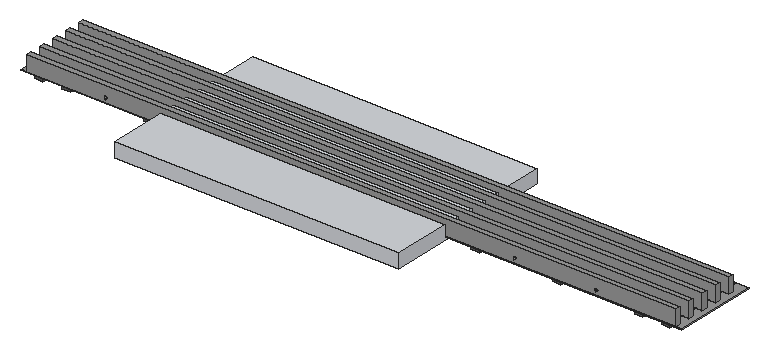
Revit family "1413-5, Veneer", category Generic Models, host Face, Revit 2020
Family settings
  Host = Face
  Can host rebar = No
  Round Connector Dimension = Use Diameter
  Part Type = Normal
  Cut with Voids When Loaded = No
  Shared = No
  Room Calculation Point = No
Parameters
  min_value [instance] = 2' - 4"  # constant formula
  max_value [instance] = 9' - 11 1/4"  # constant formula
  actual_value [instance] = if(NET LENGTH < min_value, min_value, if(NET LENGTH > max_value, max_value, NET LENGTH))  # 7' - 11 1/4"
  SCRIM MATERIAL [instance] = SCRIM
  SCRIM APPEARANCE [instance] = yes
  NET LENGTH [instance] = 7' - 11 1/4"
  IMPORTANT NOTE!!!                                                                             *Backer & dowel layout is for visualization purposes only, final layout to be determined by 9Wood. [instance] = ""
  Default Elevation = 4' - 0"
  DOWEL RADIUS [instance] = 0' - 0 1/4"  # constant formula
  BACKER & DOWEL MATERIAL [instance] = BLACK-BACKERS
  .. MEMBER WIDTH [instance] = 0' - 0 3/4"  # constant formula
  .. MEMBER MATERIAL [instance] = Veneer Cherry
  .. MEMBER DEPTH [instance] = 0' - 2 1/4"  # constant formula
  .. MEMBER COUNT [instance] = 5  # constant formula
Reference planes (in)
  plane 1 "Center (Front/Back)": y = 0
  plane 2: z = 0
  plane 3 "Center (Left/Right)": x = 0
Forms (in)
  Extrusion 1, solid
    sketch origin (0, 0, 0) x (1, 0, 0) y (0, 1, 0)
      loop
        line (-24.24823, 14.63962) -> (-24.24823, -10.69266) -> (17.36192, -10.69266) -> (17.36192, 14.63962) -> (-24.24823, 14.63962)
    from 0 to 2.0625
Dimensions and locks (in)
  aligned and locked: plane 2 to Extrusion 1
Nested families (in)
  nested 1: "1400 series" at (-44.01308, -2.1224, 0.00189), NET LENGTH <- "actual_value", .. MEMBER DEPTH <- ".. MEMBER DEPTH", .. MEMBER WIDTH <- ".. MEMBER WIDTH", DOWEL RADIUS <- "DOWEL RADIUS", BACKER & DOWEL MATERIAL <- "BACKER & DOWEL MATERIAL", .. MEMBER MATERIAL <- ".. MEMBER MATERIAL", SCRIM MATERIAL <- "SCRIM MATERIAL", MEMBER COUNT <- ".. MEMBER COUNT", SCRIM APPEARANCE <- "SCRIM APPEARANCE", type "1400 series"
    with X 7' - 8", SCRIM MATERIAL SCRIM, SCRIM LENGTH 8' - 1", SCRIM APPEARANCE yes, SCRIM 2 0' - 0 7/8", SCRIM 1 0' - 0 3/32", OC TYP 1' - 0", NET LENGTH 7' - 11 1/4", N 8, MEMBER COUNT 5, INSET 2 0' - 0 3/16", INSET 0' - 1", HALF MEMBER WIDTH 0' - 0 3/8", END BACKER yes, DOWEL RADIUS 0' - 0 1/4", DOWEL INDEX 0' - 11 5/8", DOWEL COUNT 7, BACKING M COUNT 8, BACKER WIDTH 0' - 1 1/4", BACKER INDEX 0' - 5 5/8", BACKER DEPTH 0' - 0 1/2", BACKER & DOWEL MATERIAL BLACK-BACKERS, BACKER &  DOWEL LENGTH 0' - 11 7/8", .. MEMBER WIDTH 0' - 0 3/4", .. MEMBER OC TYP 0' - 2.4", .. MEMBER MATERIAL Veneer Cherry, .. MEMBER DEPTH 0' - 2 1/4"
Definition of nested family "1400 series"
  Parameters (values of type "1400 series")
    X [instance] = NET LENGTH - 0' 3 1/4"  # 7' - 2"
    SCRIM MATERIAL [instance] = none
    SCRIM APPEARANCE [instance] = yes
    SCRIM 2 [instance] = 0' - 0 7/8"  # constant formula
    SCRIM 1 [instance] = 0' - 0 3/32"  # constant formula
    OC TYP [instance] = 1' - 0"  # constant formula
    N [instance] = if((X - (rounddown(X / 1' 0") * 1' 0")) > 1' 0", rounddown(X / 1' 0") + 2, rounddown(X / 1' 0") + 1)  # 8
    MEMBER COUNT [instance] = 2
    INSET 5 = 0' - 0 11/16"  # constant formula
    INSET 2 [instance] = 0' - 0 3/16"  # constant formula
    INSET [instance] = 0' - 1"  # constant formula
    END BACKER [instance] = BACKER INDEX > 0' 3 5/8"  # no
    HALF MEMBER WIDTH [instance] = .. MEMBER WIDTH / 2  # 0' - 1 1/8"
    Default Elevation = 0' - 0"
    DOWEL RADIUS [instance] = 0' - 0 1/4"
    DOWEL INDEX [instance] = BACKER INDEX + 0' 6"  # 0' - 8 5/8"
    DOWEL COUNT [instance] = N - 1  # 7
    BACKER WIDTH [instance] = 0' - 1 1/4"  # constant formula
    BACKER INDEX [instance] = (NET LENGTH - ((N - 1) * 1' 0")) / 2  # 0' - 2 5/8"
    BACKER DEPTH [instance] = 0' - 0 1/2"  # constant formula
    BACKING M COUNT [instance] = N  # 8
    BACKER & DOWEL MATERIAL [instance] = none
    BACKER &  DOWEL LENGTH [instance] = 0' - 11 7/8"  # constant formula
    SCRIM LENGTH [instance] = NET LENGTH + (SCRIM 2 * 2)  # 7' - 7"
    .. MEMBER WIDTH [instance] = 0' - 2 1/4"
    .. MEMBER OC TYP [instance] = 1' 0" / MEMBER COUNT  # 0' - 6"
    .. MEMBER MATERIAL [instance] = none
    NET LENGTH [instance] = 7' - 5 1/4"
    .. MEMBER DEPTH [instance] = 0' - 4"
  Reference planes (in)
    plane 1 "Center (Front/Back)": y = 0
    plane 2: z = 0
    plane 3 "Center (Left/Right)": x = 0
    plane 4: x = 89.25
    plane 5: x = 1
    plane 6: x = 88.25
    plane 7: x = 2.625
    plane 8: x = 8.625
    plane 9: x = 14.625
    plane 10: x = 20.625
    plane 11: y = 0.1875
    plane 12: y = 1.125
    plane 13: y = 7.125
    plane 14: y = 12.0625
    plane 15: x = 90.125
    plane 16: x = -0.875
    plane 17: y = 12.15625
    plane 18: y = -0.09375
    plane 19: z = 2.7097
    plane 20: z = 0.49811
    plane 21: z = 0.56061
    plane 22: z = 1.24811
  Lines and regions (in)
    model lines, not visible
      curve 1: line (8.625, 0, 0.99811) -> (8.625, 0, 1.49811)
      curve 2: line (8.625, 0, 1.49811) -> (8.375, 0, 1.24811)
      curve 3: line (8.375, 0, 1.24811) -> (8.875, 0, 1.24811)
      curve 4: line (20.625, 0, 0.99811) -> (20.625, 0, 1.49811)
      curve 5: line (20.625, 0, 1.49811) -> (20.375, 0, 1.24811)
      curve 6: line (20.375, 0, 1.24811) -> (20.875, 0, 1.24811)
      curve 7: line (32.625, 0, 0.99811) -> (32.625, 0, 1.49811)
      curve 8: line (32.625, 0, 1.49811) -> (32.375, 0, 1.24811)
      curve 9: line (32.375, 0, 1.24811) -> (32.875, 0, 1.24811)
      curve 10: line (44.625, 0, 0.99811) -> (44.625, 0, 1.49811)
      curve 11: line (44.625, 0, 1.49811) -> (44.375, 0, 1.24811)
      curve 12: line (44.375, 0, 1.24811) -> (44.875, 0, 1.24811)
      curve 13: line (56.625, 0, 0.99811) -> (56.625, 0, 1.49811)
      curve 14: line (56.625, 0, 1.49811) -> (56.375, 0, 1.24811)
      curve 15: line (56.375, 0, 1.24811) -> (56.875, 0, 1.24811)
      curve 16: line (68.625, 0, 0.99811) -> (68.625, 0, 1.49811)
      curve 17: line (68.625, 0, 1.49811) -> (68.375, 0, 1.24811)
      curve 18: line (68.375, 0, 1.24811) -> (68.875, 0, 1.24811)
      curve 19: line (80.625, 0, 0.99811) -> (80.625, 0, 1.49811)
      curve 20: line (80.625, 0, 1.49811) -> (80.375, 0, 1.24811)
      curve 21: line (80.375, 0, 1.24811) -> (80.875, 0, 1.24811)
  Dimensions and locks (in)
    "INSET": plane 3 "Center (Left/Right)" to plane 5
    "NET LENGTH": plane 3 "Center (Left/Right)" to plane 4
    "INSET": plane 6 to plane 4
    "BACKER INDEX": plane 3 "Center (Left/Right)" to plane 7
    "DOWEL INDEX": plane 3 "Center (Left/Right)" to plane 8
    "OC TYP": plane 7 to plane 9
    "OC TYP": plane 8 to plane 10
    "INSET 2": plane 1 "Center (Front/Back)" to plane 11
    equal spacing: group 1, group 2, group 5, group 6, group 7, group 13, group 14, group 16  (x3)
    equal spacing: group 3, group 4, group 8, group 9, group 10, group 15, group 17  (x3)
    group 11 to group 12 = 0' - 0"  (x2)
    group 11 to group 12 = 0' - 6"
    ".. MEMBER OC TYP": plane 13 to plane 12
    "HALF MEMBER WIDTH": plane 1 "Center (Front/Back)" to plane 12
    "SCRIM 2": plane 16 to plane 3 "Center (Left/Right)"
    "SCRIM 2": plane 4 to plane 15
    "SCRIM 1": plane 18 to plane 1 "Center (Front/Back)"
    "SCRIM 1": plane 17 to plane 14
    "INSET 5": plane 22 to plane 21
    aligned and locked: level to plane 2
    aligned and locked: plane 7 to nested 2
    aligned and locked: plane 5 to nested 1
    aligned and locked: plane 9 to nested 3
    aligned and locked: nested 1 to plane 5
    aligned and locked: nested 2 to plane 11
    aligned and locked: nested 1 to plane 11
    aligned and locked: nested 3 to plane 11
    aligned and locked: nested 4 to plane 11  (x2)
    aligned and locked: plane 10 to nested 5
    aligned and locked: plane 6 to nested 12
    aligned and locked: nested 5 to plane 11
    aligned and locked: plane 11 to nested 12
    aligned and locked: plane 12 to nested 13
    aligned and locked: nested 14 to plane 13
    aligned and locked: plane 14 to nested 8
    aligned and locked: plane 16 to nested 15
    aligned and locked: nested 15 to plane 18
    aligned and locked: nested 15 to plane 17
    aligned and locked: nested 15 to plane 16  (x2)
    aligned and locked: nested 1 to level
    aligned and locked: level to nested 3
    aligned and locked: plane 20 to nested 2
    aligned and locked: plane 20 to nested 1
    aligned and locked: plane 20 to nested 3
    aligned and locked: nested 12 to plane 20
    aligned and locked: nested 15 to plane 20
    aligned and locked: plane 21 to nested 15
    aligned and locked: nested 13 to plane 21
    aligned and locked: plane 22 to nested 4
    aligned and locked: plane 22 to nested 5
    aligned and locked: nested 13 to plane 8
    aligned and locked: plane 10 to nested 13
    aligned and locked: curve 1 to nested 13
    aligned and locked: nested 13 to curve 4
  Automatic sketch dimensions
    curve 3 to curve 1 = 0' - 0 1/4"  (x2)
    curve 1 to curve 3 = 0' - 0 1/4"
    curve 1 to curve 2 = 0' - 0 1/4"
    curve 6 to curve 4 = 0' - 0 1/4"  (x2)
    curve 4 to curve 6 = 0' - 0 1/4"
    curve 4 to curve 5 = 0' - 0 1/4"
    curve 9 to curve 7 = 0' - 0 1/4"  (x2)
    curve 7 to curve 9 = 0' - 0 1/4"
    curve 7 to curve 8 = 0' - 0 1/4"
    curve 12 to curve 10 = 0' - 0 1/4"  (x2)
    curve 10 to curve 12 = 0' - 0 1/4"
    curve 10 to curve 11 = 0' - 0 1/4"
    curve 15 to curve 13 = 0' - 0 1/4"  (x2)
    curve 13 to curve 15 = 0' - 0 1/4"
    curve 13 to curve 14 = 0' - 0 1/4"
    curve 18 to curve 16 = 0' - 0 1/4"  (x2)
    curve 16 to curve 18 = 0' - 0 1/4"
    curve 16 to curve 17 = 0' - 0 1/4"
    curve 21 to curve 19 = 0' - 0 1/4"  (x2)
    curve 19 to curve 21 = 0' - 0 1/4"
    curve 19 to curve 20 = 0' - 0 1/4"
  Nested families (in)
    nested 1: "INSTANCE - 3RD -  EXTEND BOTH SIDES - Parametric Cube.0001" at (1, 0.1875, 0.49811), Length <- "BACKER &  DOWEL LENGTH", Width <- "BACKER WIDTH", Height <- "BACKER DEPTH", Material <- "BACKER & DOWEL MATERIAL", visible <- "END BACKER", type "INSTANCE - 3RD -  EXTEND BOTH SIDES - Parametric Cube.0001"
      with Width 0' - 1 1/4", Material none, Length 0' - 11 7/8", Height 0' - 0 1/2"
    nested 2: "INSTANCE - 2ND -  EXTEND SIDE H CENTER W - Parametric Cube.0001" at (2.625, 0.1875, 0.49811), Width <- "BACKER WIDTH", Length <- "BACKER &  DOWEL LENGTH", Height <- "BACKER DEPTH", Material <- "BACKER & DOWEL MATERIAL", type "INSTANCE - 2ND -  EXTEND SIDE H CENTER W - Parametric Cube.0001"
      with Width 0' - 1 1/4", Material none, Length 0' - 11 7/8", Height 0' - 0 1/2"
    nested 3: "INSTANCE - 2ND -  EXTEND SIDE H CENTER W - Parametric Cube.0001" at (14.625, 0.1875, 0.49811), Width <- "BACKER WIDTH", Length <- "BACKER &  DOWEL LENGTH", Height <- "BACKER DEPTH", Material <- "BACKER & DOWEL MATERIAL", type "INSTANCE - 2ND -  EXTEND SIDE H CENTER W - Parametric Cube.0001"
      with Width 0' - 1 1/4", Material none, Length 0' - 11 7/8", Height 0' - 0 1/2"
    nested 4: "DOWEL" at (-1.375, 0.1875, 1.24811), DOWEL LENGTH <- "BACKER &  DOWEL LENGTH", DOWEL RADII <- "DOWEL RADIUS", BACKING MEM MATERIAL <- "BACKER & DOWEL MATERIAL", type "DOWEL"
      with DOWEL RADII 0' - 0 1/4", DOWEL LENGTH 0' - 11 7/8", BACKING MEM MATERIAL none
    nested 5: "DOWEL" at (10.625, 0.1875, 1.24811), DOWEL LENGTH <- "BACKER &  DOWEL LENGTH", DOWEL RADII <- "DOWEL RADIUS", BACKING MEM MATERIAL <- "BACKER & DOWEL MATERIAL", type "DOWEL"
      with DOWEL RADII 0' - 0 1/4", DOWEL LENGTH 0' - 11 7/8", BACKING MEM MATERIAL none
    nested 6: "INSTANCE - 2ND -  EXTEND SIDE H CENTER W - Parametric Cube.0001" at (26.625, 0.1875, 0.49811), Width <- "BACKER WIDTH", Length <- "BACKER &  DOWEL LENGTH", Height <- "BACKER DEPTH", Material <- "BACKER & DOWEL MATERIAL", type "INSTANCE - 2ND -  EXTEND SIDE H CENTER W - Parametric Cube.0001"
      with Width 0' - 1 1/4", Material none, Length 0' - 11 7/8", Height 0' - 0 1/2"
    nested 7: "INSTANCE - 2ND -  EXTEND SIDE H CENTER W - Parametric Cube.0001" at (38.625, 0.1875, 0.49811), Width <- "BACKER WIDTH", Length <- "BACKER &  DOWEL LENGTH", Height <- "BACKER DEPTH", Material <- "BACKER & DOWEL MATERIAL", type "INSTANCE - 2ND -  EXTEND SIDE H CENTER W - Parametric Cube.0001"
      with Width 0' - 1 1/4", Material none, Length 0' - 11 7/8", Height 0' - 0 1/2"
    nested 8: "INSTANCE - 2ND -  EXTEND SIDE H CENTER W - Parametric Cube.0001" at (50.625, 0.1875, 0.49811), Width <- "BACKER WIDTH", Length <- "BACKER &  DOWEL LENGTH", Height <- "BACKER DEPTH", Material <- "BACKER & DOWEL MATERIAL", type "INSTANCE - 2ND -  EXTEND SIDE H CENTER W - Parametric Cube.0001"
      with Width 0' - 1 1/4", Material none, Length 0' - 11 7/8", Height 0' - 0 1/2"
    nested 9: "DOWEL" at (22.625, 0.1875, 1.24811), DOWEL LENGTH <- "BACKER &  DOWEL LENGTH", DOWEL RADII <- "DOWEL RADIUS", BACKING MEM MATERIAL <- "BACKER & DOWEL MATERIAL", type "DOWEL"
      with DOWEL RADII 0' - 0 1/4", DOWEL LENGTH 0' - 11 7/8", BACKING MEM MATERIAL none
    nested 10: "DOWEL" at (34.625, 0.1875, 1.24811), DOWEL LENGTH <- "BACKER &  DOWEL LENGTH", DOWEL RADII <- "DOWEL RADIUS", BACKING MEM MATERIAL <- "BACKER & DOWEL MATERIAL", type "DOWEL"
      with DOWEL RADII 0' - 0 1/4", DOWEL LENGTH 0' - 11 7/8", BACKING MEM MATERIAL none
    nested 11: "DOWEL" at (46.625, 0.1875, 1.24811), DOWEL LENGTH <- "BACKER &  DOWEL LENGTH", DOWEL RADII <- "DOWEL RADIUS", BACKING MEM MATERIAL <- "BACKER & DOWEL MATERIAL", type "DOWEL"
      with DOWEL RADII 0' - 0 1/4", DOWEL LENGTH 0' - 11 7/8", BACKING MEM MATERIAL none
    nested 12: "INSTANCE - 3RD -  EXTEND BOTH SIDES - Parametric Cube.0001" at (88.25, 0.1875, 0.49811) x (-1, 0, 0) z (0, 0, 1), Width <- "BACKER WIDTH", Length <- "BACKER &  DOWEL LENGTH", Height <- "BACKER DEPTH", Material <- "BACKER & DOWEL MATERIAL", visible <- "END BACKER", type "INSTANCE - 3RD -  EXTEND BOTH SIDES - Parametric Cube.0001"
      with Width 0' - 1 1/4", Material none, Length 0' - 11 7/8", Height 0' - 0 1/2"
    nested 13: "HOLED MEMBER" at (0, -9.75, 8.12965), DOWEL INDEX <- "DOWEL INDEX", .. MEMBER LENGTH <- "NET LENGTH", .. MEMBER WIDTH <- ".. MEMBER WIDTH", DOWEL OC DIST <- "OC TYP", DOWEL RADII <- "DOWEL RADIUS", Material <- ".. MEMBER MATERIAL", DEPTH <- ".. MEMBER DEPTH", DOWEL COUNT <- "DOWEL COUNT", Space <- "INSET 5", type "HOLED MEMBER"
      with Space 0' - 0 11/16", Material none, Height 0' - 10.43096", HALF MEMBER WIDTH 0' - 1 1/8", DOWEL RADII 0' - 0 1/4", DOWEL OC DIST 1' - 0", DOWEL INDEX 0' - 8 5/8", DOWEL COUNT 7, DEPTH 0' - 4", .. MEMBER WIDTH 0' - 2 1/4", .. MEMBER LENGTH 7' - 5 1/4"
    nested 14: "HOLED MEMBER" at (0, -3.75, 8.12965), DOWEL INDEX <- "DOWEL INDEX", .. MEMBER LENGTH <- "NET LENGTH", .. MEMBER WIDTH <- ".. MEMBER WIDTH", DOWEL OC DIST <- "OC TYP", DOWEL RADII <- "DOWEL RADIUS", Material <- ".. MEMBER MATERIAL", DEPTH <- ".. MEMBER DEPTH", DOWEL COUNT <- "DOWEL COUNT", Space <- "INSET 5", type "HOLED MEMBER"
      with Space 0' - 0 11/16", Material none, Height 0' - 10.43096", HALF MEMBER WIDTH 0' - 1 1/8", DOWEL RADII 0' - 0 1/4", DOWEL OC DIST 1' - 0", DOWEL INDEX 0' - 8 5/8", DOWEL COUNT 7, DEPTH 0' - 4", .. MEMBER WIDTH 0' - 2 1/4", .. MEMBER LENGTH 7' - 5 1/4"
    nested 15: "INSTANCE - 3RD -  EXTEND BOTH SIDES - Parametric Cube.0001" at (-0.875, -0.09375, 0.56061), Width <- "SCRIM LENGTH", Material <- "SCRIM MATERIAL", visible <- "SCRIM APPEARANCE", type "INSTANCE - 3RD -  EXTEND BOTH SIDES - Parametric Cube.0001"
      with Width 7' - 7", Material none, Length 1' - 0 1/4", Height 0' - 0 1/16"
    nested 16: "INSTANCE - 2ND -  EXTEND SIDE H CENTER W - Parametric Cube.0001" at (62.625, 0.1875, 0.49811), Width <- "BACKER WIDTH", Length <- "BACKER &  DOWEL LENGTH", Height <- "BACKER DEPTH", Material <- "BACKER & DOWEL MATERIAL", type "INSTANCE - 2ND -  EXTEND SIDE H CENTER W - Parametric Cube.0001"
      with Width 0' - 1 1/4", Material none, Length 0' - 11 7/8", Height 0' - 0 1/2"
    nested 17: "INSTANCE - 2ND -  EXTEND SIDE H CENTER W - Parametric Cube.0001" at (74.625, 0.1875, 0.49811), Width <- "BACKER WIDTH", Length <- "BACKER &  DOWEL LENGTH", Height <- "BACKER DEPTH", Material <- "BACKER & DOWEL MATERIAL", type "INSTANCE - 2ND -  EXTEND SIDE H CENTER W - Parametric Cube.0001"
      with Width 0' - 1 1/4", Material none, Length 0' - 11 7/8", Height 0' - 0 1/2"
    nested 18: "DOWEL" at (58.625, 0.1875, 1.24811), DOWEL LENGTH <- "BACKER &  DOWEL LENGTH", DOWEL RADII <- "DOWEL RADIUS", BACKING MEM MATERIAL <- "BACKER & DOWEL MATERIAL", type "DOWEL"
      with DOWEL RADII 0' - 0 1/4", DOWEL LENGTH 0' - 11 7/8", BACKING MEM MATERIAL none
    nested 19: "INSTANCE - 2ND -  EXTEND SIDE H CENTER W - Parametric Cube.0001" at (86.625, 0.1875, 0.49811), Width <- "BACKER WIDTH", Length <- "BACKER &  DOWEL LENGTH", Height <- "BACKER DEPTH", Material <- "BACKER & DOWEL MATERIAL", type "INSTANCE - 2ND -  EXTEND SIDE H CENTER W - Parametric Cube.0001"
      with Width 0' - 1 1/4", Material none, Length 0' - 11 7/8", Height 0' - 0 1/2"
    nested 20: "DOWEL" at (70.625, 0.1875, 1.24811), DOWEL LENGTH <- "BACKER &  DOWEL LENGTH", DOWEL RADII <- "DOWEL RADIUS", BACKING MEM MATERIAL <- "BACKER & DOWEL MATERIAL", type "DOWEL"
      with DOWEL RADII 0' - 0 1/4", DOWEL LENGTH 0' - 11 7/8", BACKING MEM MATERIAL none
  Definition of nested family "INSTANCE - 3RD -  EXTEND BOTH SIDES - Parametric Cube.0001"
    Parameters (values of type "INSTANCE - 3RD -  EXTEND BOTH SIDES - Parametric Cube.0001")
      Width [instance] = 0' - 6"
      Material [instance] = none
      Length [instance] = 1' - 0"
      Height [instance] = 1' - 6"
      Default Elevation = 0' - 0"
    Reference planes (in)
      plane 1 "Center (Front/Back)": y = 0
      plane 2: z = 0
      plane 3 "Center (Left/Right)": x = 0
      plane 4: x = 6
      plane 5: y = 12
      plane 6: z = -18
    Forms (in)
      Extrusion 1, solid, material <- "Material"
        sketch origin (0, 6, 0) x (1, 0, 0) y (0, 1, 0)
          loop
            line (0, 6) -> (0, -6) -> (6, -6) -> (6, 6) -> (0, 6)
        from -18 to 0
    Dimensions and locks (in)
      "Height": plane 6 to level
      "Length": plane 1 "Center (Front/Back)" to plane 5
      "Width": plane 3 "Center (Left/Right)" to plane 4
      aligned and locked: plane 2 to level
      aligned and locked: Extrusion 1 sketch curve to plane 4
      aligned and locked: Extrusion 1 to plane 6
      aligned and locked: plane 5 to Extrusion 1
      aligned and locked: Extrusion 1 to plane 3 "Center (Left/Right)"
    Automatic sketch dimensions
      plane 1 "Center (Front/Back)" to Extrusion 1 sketch curve = 0' - 0"
      plane 5 to Extrusion 1 sketch curve = 0' - 0"
      Extrusion 1 sketch curve to plane 3 "Center (Left/Right)" = 0' - 0"
  Definition of nested family "INSTANCE - 2ND -  EXTEND SIDE H CENTER W - Parametric Cube.0001"
    Parameters (values of type "INSTANCE - 2ND -  EXTEND SIDE H CENTER W - Parametric Cube.0001")
      Width [instance] = 0' - 6"
      Material [instance] = none
      Length [instance] = 1' - 0"
      Height [instance] = 1' - 6"
      Default Elevation = 0' - 0"
    Reference planes (in)
      plane 1 "Center (Front/Back)": y = 0
      plane 2: z = 0
      plane 3 "Center (Left/Right)": x = 0
      plane 4: x = -3
      plane 5: x = 3
      plane 6: y = 12
      plane 7: z = -18
    Forms (in)
      Extrusion 1, solid, material <- "Material"
        sketch origin (0, 6, 0) x (1, 0, 0) y (0, 1, 0)
          loop
            line (-3, 6) -> (-3, -6) -> (3, -6) -> (3, 6) -> (-3, 6)
        from -18 to 0
    Dimensions and locks (in)
      equal spacing: plane 4, plane 3 "Center (Left/Right)", plane 5
      "Width": plane 4 to plane 5
      "Height": plane 7 to level
      "Length": plane 1 "Center (Front/Back)" to plane 6
      aligned and locked: plane 2 to level
      aligned and locked: plane 4 to Extrusion 1 sketch curve
      aligned and locked: Extrusion 1 sketch curve to plane 5
      aligned and locked: Extrusion 1 to plane 7
      aligned and locked: plane 6 to Extrusion 1
    Automatic sketch dimensions
      plane 1 "Center (Front/Back)" to Extrusion 1 sketch curve = 0' - 0"
      plane 6 to Extrusion 1 sketch curve = 0' - 0"
  Definition of nested family "DOWEL"
    Parameters (values of type "DOWEL")
      Default Elevation = 0' - 0"
      DOWEL RADII [instance] = 0' - 0 5/8"
      DOWEL LENGTH [instance] = 1' - 0"
      BACKING MEM MATERIAL [instance] = none
    Reference planes (in)
      plane 1 "Center (Front/Back)": y = 0
      plane 2: z = 0
      plane 3 "Center (Left/Right)": x = 0
      plane 4: y = 12
    Forms (in)
      Extrusion 1, solid, material <- "BACKING MEM MATERIAL"
        sketch origin (10, 0, 0) x (1, 0, 0) y (0, 0, 1)
          loop
            circle (0, 0) r 0.625
        from 0 to -12
      Extrusion 2, solid, not visible
        sketch origin (0, 0, 0) x (1, 0, 0) y (0, 0, 1)
          loop
            circle (0, 0) r 0.625
        from 0 to 12
      Extrusion 3, solid, not visible
        sketch origin (10, 0, 0) x (1, 0, 0) y (0, 0, 1)
          loop
            circle (0, 0) r 0.625
        from 0 to 2.5
      Extrusion 4, solid, not visible
        sketch origin (10, 0, 0) x (1, 0, 0) y (0, 0, 1)
          loop
            circle (0, 0) r 0.625
        from 0 to -12
    Lines and regions (in)
      model lines, not visible
        curve 1: line (-13, 0, 0) -> (-13, -12, 0)
        curve 2: line (13, 0, 0) -> (13, -12, 0)
        curve 3: line (9.89453, 0, 0) -> (10.08794, 0, 0)
        curve 4: line (9.89453, -2.5, 0) -> (10.08794, -2.5, 0)
        curve 6: line (10, 0, 0) -> (10, 2, 0)
      model lines
        curve 5: line (10, 0, 0) -> (10, 2, 0)
    Dimensions and locks (in)
      "DOWEL LENGTH": plane 1 "Center (Front/Back)" to plane 4
      "DOWEL RADII": radius of Extrusion 1 sketch curve
      "DOWEL RADII": radius of Extrusion 2 sketch curve
      "DOWEL RADII": radius of Extrusion 3 sketch curve
      "DOWEL RADII": radius of Extrusion 4 sketch curve
      "DOWEL RADII": radius of Extrusion 1
      aligned and locked: plane 2 to level
      aligned and locked: Extrusion 1 to plane 1 "Center (Front/Back)"  (x3)
      aligned and locked: plane 1 "Center (Front/Back)" to Extrusion 1
      aligned and locked: plane 4 to Extrusion 1
    Automatic sketch dimensions
      plane 1 "Center (Front/Back)" to curve 5 = 0' - 0"
      curve 5 to plane 1 "Center (Front/Back)" = 0' - 2"
      plane 3 "Center (Left/Right)" to curve 5 = 0' - 10"
      Extrusion 1 sketch curve to level = 0' - 0"
      plane 3 "Center (Left/Right)" to Extrusion 1 sketch curve = 0' - 10"
  Definition of nested family "HOLED MEMBER"
    Parameters (values of type "HOLED MEMBER")
      Space [instance] = 0' - 0 5/8"
      Material [instance] = none
      Height [instance] = 0' - 10.43096"
      HALF MEMBER WIDTH [instance] = .. MEMBER WIDTH / 2  # 0' - 0 5/16"
      Default Elevation = 0' - 0"
      DOWEL RADII [instance] = 0' - 0.34537"
      DOWEL OC DIST [instance] = 1' - 0"
      DOWEL INSET = 0' - 0 5/8"
      DOWEL INDEX [instance] = 0' - 5 5/8"
      DOWEL COUNT [instance] = 6
      DEPTH [instance] = 0' - 2"
      .. MEMBER WIDTH [instance] = 0' - 0 5/8"
      .. MEMBER LENGTH [instance] = 5' - 11 3/4"
    Reference planes (in)
      plane 1 "Center (Front/Back)": y = 12
      plane 2: z = -7.56904
      plane 3 "Center (Left/Right)": x = 0
      plane 4: x = 5.625
      plane 5: x = 17.625
      plane 6: y = 11.375
      plane 7: x = 71.75
      plane 8: y = 11.6875
      plane 9: z = -6.94404
      plane 10: z = -5.56904
    Forms (in)
      Extrusion 1, solid, material <- "Material"
        sketch origin (0, 12, -13.56904) x (1, 0, 0) y (0, 0, 1)
          loop
            line (0, 6) -> (71.75, 6) -> (71.75, 8) -> (0, 8) -> (0, 6)
        from 0.625 to 0
      Extrusion 2, void
        sketch origin (0, 12, -18.31904) x (1, 0, 0) y (0, 0, 1)
          loop
            circle (5.625, 11.375) r 0.34537
        from 0 to 12
      Extrusion 3, void, not visible
        sketch origin (0, 0, 0) x (1, 0, 0) y (0, 1, 0)
          loop
            circle (5.625, 11.375) r 0.34537
        from 0 to 12
      Extrusion 4, void, not visible
        sketch origin (0, 0, 0) x (1, 0, 0) y (0, 1, 0)
          loop
            circle (5.625, 11.375) r 0.34537
        from 0 to 12
      Extrusion 5, void, not visible
        sketch origin (12, 0, 0) x (1, 0, 0) y (0, 1, 0)
          loop
            circle (5.625, 11.375) r 0.34537
        from 0 to 12
      Extrusion 6, void, not visible
        sketch origin (0, 12, -17.56904) x (1, 0, 0) y (0, 0, 1)
          loop
            circle (5.625, 11.375) r 0.34537
        from 0 to 12
      Extrusion 7, void, not visible
        sketch origin (12, 12, -17.56904) x (1, 0, 0) y (0, 0, 1)
          loop
            circle (5.625, 11.375) r 0.34537
        from 0 to 12
      Extrusion 8, void, not visible
        sketch origin (0, 12, -19.56904) x (1, 0, 0) y (0, 0, 1)
          loop
            circle (5.625, 11.375) r 0.34537
        from 0 to 12
      Extrusion 9, void
        sketch origin (12, 12, -18.31904) x (1, 0, 0) y (0, 0, 1)
          loop
            circle (5.625, 11.375) r 0.34537
        from 0 to 12
      Extrusion 10, void
        sketch origin (24, 12, -18.31904) x (1, 0, 0) y (0, 0, 1)
          loop
            circle (5.625, 11.375) r 0.34537
        from 0 to 12
      Extrusion 11, void
        sketch origin (36, 12, -18.31904) x (1, 0, 0) y (0, 0, 1)
          loop
            circle (5.625, 11.375) r 0.34537
        from 0 to 12
      Extrusion 12, void
        sketch origin (48, 12, -18.31904) x (1, 0, 0) y (0, 0, 1)
          loop
            circle (5.625, 11.375) r 0.34537
        from 0 to 12
      Extrusion 13, void
        sketch origin (60, 12, -18.31904) x (1, 0, 0) y (0, 0, 1)
          loop
            circle (5.625, 11.375) r 0.34537
        from 0 to 12
      Extrusion 14, void, not visible
        sketch origin (24, 12, -17.56904) x (1, 0, 0) y (0, 0, 1)
          loop
            circle (5.625, 11.375) r 0.34537
        from 0 to 12
      Extrusion 15, void, not visible
        sketch origin (36, 12, -17.56904) x (1, 0, 0) y (0, 0, 1)
          loop
            circle (5.625, 11.375) r 0.34537
        from 0 to 12
      Extrusion 16, void, not visible
        sketch origin (48, 12, -17.56904) x (1, 0, 0) y (0, 0, 1)
          loop
            circle (5.625, 11.375) r 0.34537
        from 0 to 12
      Extrusion 17, void, not visible
        sketch origin (60, 12, -17.56904) x (1, 0, 0) y (0, 0, 1)
          loop
            circle (5.625, 11.375) r 0.34537
        from 0 to 12
      Extrusion 18, void, not visible
        sketch origin (24, 0, 0) x (1, 0, 0) y (0, 1, 0)
          loop
            circle (5.625, 11.375) r 0.34537
        from 0 to 12
      Extrusion 19, void, not visible
        sketch origin (36, 0, 0) x (1, 0, 0) y (0, 1, 0)
          loop
            circle (5.625, 11.375) r 0.34537
        from 0 to 12
      Extrusion 20, void, not visible
        sketch origin (48, 0, 0) x (1, 0, 0) y (0, 1, 0)
          loop
            circle (5.625, 11.375) r 0.34537
        from 0 to 12
      Extrusion 21, void, not visible
        sketch origin (60, 0, 0) x (1, 0, 0) y (0, 1, 0)
          loop
            circle (5.625, 11.375) r 0.34537
        from 0 to 12
    Cuts and joins
      Extrusion 2, Extrusion 9, Extrusion 10, Extrusion 11, Extrusion 12, Extrusion 13 cuts Extrusion 1
    Lines and regions (in)
      model lines, not visible
        curve 1: line (5.625, 11.72037, 0) -> (5.625, 11.02963, 0)
        curve 2: line (5.625, 11.72037, 0) -> (5.625, 11.02963, 0)
        curve 3: line (17.625, 11.72037, 0) -> (17.625, 11.02963, 0)
        curve 4: line (5.625, 12, -7.56904) -> (5.625, 11.87317, -7.56904)
        curve 5: line (5.625, 11.87317, -7.56904) -> (5.06195, 11.87317, -7.56904)
        curve 6: line (5.06195, 11.87317, -7.56904) -> (5.27963, 11.375, -7.56904)
        curve 7: line (0, 12, -6.19404) -> (0, 11.61951, -6.19404)
        curve 9: line (0, 11.375, -8.19404) -> (0, 11.6747, -8.19404)
        curve 10: line (5.625, 12, -7.56904) -> (5.625, 11.69863, -7.56904)
        curve 11: line (5.625, 12, -7.56904) -> (5.625, 11.69863, -7.56904)
        curve 12: line (5.625, 10.75, 0) -> (5.625, 10.75, 0.30137)
        curve 13: line (5.625, 10.75, 0) -> (5.625, 10.75, 0.30137)
        curve 14: line (17.625, 10.75, 0) -> (17.625, 10.75, 0.30137)
        curve 15: line (5.625, 12, -6.81904) -> (5.625, 11.69863, -6.81904)
        curve 16: line (17.625, 12, -6.81904) -> (17.625, 11.69863, -6.81904)
        curve 17: line (5.625, 12, -8.81904) -> (5.625, 11.69863, -8.81904)
        curve 18: line (17.625, 12, -7.56904) -> (17.625, 11.69863, -7.56904)
        curve 19: line (29.625, 12, -7.56904) -> (29.625, 11.69863, -7.56904)
        curve 20: line (41.625, 12, -7.56904) -> (41.625, 11.69863, -7.56904)
        curve 21: line (53.625, 12, -7.56904) -> (53.625, 11.69863, -7.56904)
        curve 22: line (65.625, 12, -7.56904) -> (65.625, 11.69863, -7.56904)
        curve 23: line (29.625, 12, -6.81904) -> (29.625, 11.69863, -6.81904)
        curve 24: line (41.625, 12, -6.81904) -> (41.625, 11.69863, -6.81904)
        curve 25: line (53.625, 12, -6.81904) -> (53.625, 11.69863, -6.81904)
        curve 26: line (65.625, 12, -6.81904) -> (65.625, 11.69863, -6.81904)
        curve 27: line (29.625, 11.72037, 0) -> (29.625, 11.02963, 0)
        curve 28: line (29.625, 10.75, 0) -> (29.625, 10.75, 0.30137)
        curve 29: line (41.625, 11.72037, 0) -> (41.625, 11.02963, 0)
        curve 30: line (41.625, 10.75, 0) -> (41.625, 10.75, 0.30137)
        curve 31: line (53.625, 11.72037, 0) -> (53.625, 11.02963, 0)
        curve 32: line (53.625, 10.75, 0) -> (53.625, 10.75, 0.30137)
        curve 33: line (65.625, 11.72037, 0) -> (65.625, 11.02963, 0)
        curve 34: line (65.625, 10.75, 0) -> (65.625, 10.75, 0.30137)
        curve 35: line (5.27963, 12, -6.94404) -> (5.97037, 12, -6.94404)
        curve 36: line (5.97037, 12, -6.94404) -> (5.625, 12, -6.59867)
        curve 37: line (5.625, 12, -6.59867) -> (5.625, 12, -7.28941)
        curve 38: line (5.27963, 11.375, 0) -> (5.97037, 11.375, 0)
        curve 39: line (5.97037, 11.375, 0) -> (5.625, 11.72037, 0)
        curve 40: line (5.625, 11.72037, 0) -> (5.625, 11.02963, 0)
        curve 41: line (5.27963, 11.375, 0) -> (5.97037, 11.375, 0)
        curve 42: line (5.97037, 11.375, 0) -> (5.625, 11.72037, 0)
        curve 43: line (5.625, 11.72037, 0) -> (5.625, 11.02963, 0)
        curve 44: line (17.27963, 11.375, 0) -> (17.97037, 11.375, 0)
        curve 45: line (17.97037, 11.375, 0) -> (17.625, 11.72037, 0)
        curve 46: line (17.625, 11.72037, 0) -> (17.625, 11.02963, 0)
        curve 47: line (5.27963, 12, -6.19404) -> (5.97037, 12, -6.19404)
        curve 48: line (5.97037, 12, -6.19404) -> (5.625, 12, -5.84867)
        curve 49: line (5.625, 12, -5.84867) -> (5.625, 12, -6.53941)
        curve 50: line (17.27963, 12, -6.19404) -> (17.97037, 12, -6.19404)
        curve 51: line (17.97037, 12, -6.19404) -> (17.625, 12, -5.84867)
        curve 52: line (17.625, 12, -5.84867) -> (17.625, 12, -6.53941)
        curve 53: line (5.27963, 12, -8.19404) -> (5.97037, 12, -8.19404)
        curve 54: line (5.97037, 12, -8.19404) -> (5.625, 12, -7.84867)
        curve 55: line (5.625, 12, -7.84867) -> (5.625, 12, -8.53941)
        curve 56: line (17.27963, 12, -6.94404) -> (17.97037, 12, -6.94404)
        curve 57: line (17.97037, 12, -6.94404) -> (17.625, 12, -6.59867)
        curve 58: line (17.625, 12, -6.59867) -> (17.625, 12, -7.28941)
        curve 59: line (29.27963, 12, -6.94404) -> (29.97037, 12, -6.94404)
        curve 60: line (29.97037, 12, -6.94404) -> (29.625, 12, -6.59867)
        curve 61: line (29.625, 12, -6.59867) -> (29.625, 12, -7.28941)
        curve 62: line (41.27963, 12, -6.94404) -> (41.97037, 12, -6.94404)
        curve 63: line (41.97037, 12, -6.94404) -> (41.625, 12, -6.59867)
        curve 64: line (41.625, 12, -6.59867) -> (41.625, 12, -7.28941)
        curve 65: line (53.27963, 12, -6.94404) -> (53.97037, 12, -6.94404)
        curve 66: line (53.97037, 12, -6.94404) -> (53.625, 12, -6.59867)
        curve 67: line (53.625, 12, -6.59867) -> (53.625, 12, -7.28941)
        curve 68: line (65.27963, 12, -6.94404) -> (65.97037, 12, -6.94404)
        curve 69: line (65.97037, 12, -6.94404) -> (65.625, 12, -6.59867)
        curve 70: line (65.625, 12, -6.59867) -> (65.625, 12, -7.28941)
        curve 71: line (29.27963, 12, -6.19404) -> (29.97037, 12, -6.19404)
        curve 72: line (29.97037, 12, -6.19404) -> (29.625, 12, -5.84867)
        curve 73: line (29.625, 12, -5.84867) -> (29.625, 12, -6.53941)
        curve 74: line (41.27963, 12, -6.19404) -> (41.97037, 12, -6.19404)
        curve 75: line (41.97037, 12, -6.19404) -> (41.625, 12, -5.84867)
        curve 76: line (41.625, 12, -5.84867) -> (41.625, 12, -6.53941)
        curve 77: line (53.27963, 12, -6.19404) -> (53.97037, 12, -6.19404)
        curve 78: line (53.97037, 12, -6.19404) -> (53.625, 12, -5.84867)
        curve 79: line (53.625, 12, -5.84867) -> (53.625, 12, -6.53941)
        curve 80: line (65.27963, 12, -6.19404) -> (65.97037, 12, -6.19404)
        curve 81: line (65.97037, 12, -6.19404) -> (65.625, 12, -5.84867)
        curve 82: line (65.625, 12, -5.84867) -> (65.625, 12, -6.53941)
        curve 83: line (29.27963, 11.375, 0) -> (29.97037, 11.375, 0)
        curve 84: line (29.97037, 11.375, 0) -> (29.625, 11.72037, 0)
        curve 85: line (29.625, 11.72037, 0) -> (29.625, 11.02963, 0)
        curve 86: line (41.27963, 11.375, 0) -> (41.97037, 11.375, 0)
        curve 87: line (41.97037, 11.375, 0) -> (41.625, 11.72037, 0)
        curve 88: line (41.625, 11.72037, 0) -> (41.625, 11.02963, 0)
        curve 89: line (53.27963, 11.375, 0) -> (53.97037, 11.375, 0)
        curve 90: line (53.97037, 11.375, 0) -> (53.625, 11.72037, 0)
        curve 91: line (53.625, 11.72037, 0) -> (53.625, 11.02963, 0)
        curve 92: line (65.27963, 11.375, 0) -> (65.97037, 11.375, 0)
        curve 93: line (65.97037, 11.375, 0) -> (65.625, 11.72037, 0)
        curve 94: line (65.625, 11.72037, 0) -> (65.625, 11.02963, 0)
      model lines
        curve 8: line (5.625, 12, -7.56904) -> (5.625, 11.69863, -7.56904)
    Dimensions and locks (in)
      "DOWEL INDEX": plane 3 "Center (Left/Right)" to plane 4
      "DOWEL OC DIST": plane 4 to plane 5
      ".. MEMBER LENGTH": plane 3 "Center (Left/Right)" to plane 7
      equal spacing: group 3, group 4, group 21, group 22, group 23, group 24  (x3)
      equal spacing: group 7, group 8, group 17, group 18, group 19, group 20  (x3)
      ".. MEMBER WIDTH": plane 6 to plane 1 "Center (Front/Back)"
      "HALF MEMBER WIDTH": plane 8 to plane 1 "Center (Front/Back)"
      equal spacing: group 1, group 12, group 13, group 14, group 15, group 16  (x2)
      equal spacing: group 16, group 15, group 14, group 13, group 12, group 1
      "DEPTH": plane 10 to level
      "Space": plane 9 to level
      "DOWEL RADII": radius of Extrusion 2 sketch curve
      "DOWEL RADII": radius of Extrusion 3 sketch curve
      "DOWEL RADII": radius of Extrusion 4 sketch curve
      "DOWEL RADII": radius of Extrusion 5 sketch curve
      "DOWEL RADII": radius of Extrusion 6 sketch curve
      "DOWEL RADII": radius of Extrusion 7 sketch curve
      "DOWEL RADII": radius of Extrusion 8 sketch curve
      "DOWEL RADII": radius of Extrusion 9 sketch curve
      "DOWEL RADII": radius of Extrusion 10 sketch curve
      "DOWEL RADII": radius of Extrusion 11 sketch curve
      "DOWEL RADII": radius of Extrusion 12 sketch curve
      "DOWEL RADII": radius of Extrusion 13 sketch curve
      "DOWEL RADII": radius of Extrusion 14 sketch curve
      "DOWEL RADII": radius of Extrusion 15 sketch curve
      "DOWEL RADII": radius of Extrusion 16 sketch curve
      "DOWEL RADII": radius of Extrusion 17 sketch curve
      "DOWEL RADII": radius of Extrusion 18 sketch curve
      "DOWEL RADII": radius of Extrusion 19 sketch curve
      "DOWEL RADII": radius of Extrusion 20 sketch curve
      "DOWEL RADII": radius of Extrusion 21 sketch curve
      aligned and locked: level to plane 2
      aligned and locked: Extrusion 1 to plane 3 "Center (Left/Right)"  (x2)
      aligned and locked: plane 7 to cut or joined group of Extrusion 1, Extrusion 2, Extrusion 9, Extrusion 10, Extrusion 11, Extrusion 12, Extrusion 13  (x2)
      aligned and locked: cut or joined group of Extrusion 1, Extrusion 2, Extrusion 9, Extrusion 10, Extrusion 11, Extrusion 12, Extrusion 13 to plane 1 "Center (Front/Back)"  (x2)
      aligned and locked: cut or joined group of Extrusion 1, Extrusion 2, Extrusion 9, Extrusion 10, Extrusion 11, Extrusion 12, Extrusion 13 to plane 6  (x2)
      aligned and locked: plane 4 to curve 11
      aligned and locked: curve 18 to plane 5
      aligned and locked: plane 4 to group 1
      aligned and locked: group 12 to plane 5
      aligned and locked: curve 35 to plane 9
      aligned and locked: plane 4 to curve 37
      aligned and locked: curve 56 to plane 9
      aligned and locked: curve 58 to plane 5
      aligned and locked: plane 10 to cut or joined group of Extrusion 1, Extrusion 2, Extrusion 9, Extrusion 10, Extrusion 11, Extrusion 12, Extrusion 13  (x2)
      aligned and locked: cut or joined group of Extrusion 1, Extrusion 2, Extrusion 9, Extrusion 10, Extrusion 11, Extrusion 12, Extrusion 13 to level
      aligned and locked: level to cut or joined group of Extrusion 1, Extrusion 2, Extrusion 9, Extrusion 10, Extrusion 11, Extrusion 12, Extrusion 13
    Automatic sketch dimensions
      curve 1 to curve 1 = 0' - 0.69074"
      curve 2 to curve 2 = 0' - 0.69074"
      curve 3 to curve 3 = 0' - 0.69074"
      Extrusion 1 sketch curve to plane 3 "Center (Left/Right)" = 0' - 0"
      Extrusion 1 sketch curve to plane 7 = 0' - 0"
      Extrusion 1 sketch curve to Extrusion 1 sketch curve = 0' - 2"
      Extrusion 1 sketch curve to level = 0' - 0"
      curve 8 to curve 8 = 0' - 0.30137"
      curve 10 to curve 10 = 0' - 0.30137"
      curve 8 to plane 4 = 0' - 0"
      plane 1 "Center (Front/Back)" to curve 8 = 0' - 0"
      plane 1 "Center (Front/Back)" to curve 8 = 0' - 0.30137"
      curve 11 to curve 11 = 0' - 0.30137"
      curve 12 to curve 12 = 0' - 0.30137"
      curve 13 to curve 13 = 0' - 0.30137"
      curve 14 to curve 14 = 0' - 0.30137"
      curve 15 to curve 15 = 0' - 0.30137"
      curve 16 to curve 16 = 0' - 0.30137"
      curve 17 to curve 17 = 0' - 0.30137"
      curve 18 to curve 18 = 0' - 0.30137"
      curve 19 to curve 19 = 0' - 0.30137"
      curve 20 to curve 20 = 0' - 0.30137"
      curve 21 to curve 21 = 0' - 0.30137"
      curve 22 to curve 22 = 0' - 0.30137"
      curve 23 to curve 23 = 0' - 0.30137"
      curve 24 to curve 24 = 0' - 0.30137"
      curve 25 to curve 25 = 0' - 0.30137"
      curve 26 to curve 26 = 0' - 0.30137"
      curve 27 to curve 27 = 0' - 0.69074"
      curve 28 to curve 28 = 0' - 0.30137"
      curve 29 to curve 29 = 0' - 0.69074"
      curve 30 to curve 30 = 0' - 0.30137"
      curve 31 to curve 31 = 0' - 0.69074"
      curve 32 to curve 32 = 0' - 0.30137"
      curve 33 to curve 33 = 0' - 0.69074"
      curve 34 to curve 34 = 0' - 0.30137"
      curve 37 to curve 35 = 0' - 0.34537"  (x2)
      curve 35 to curve 36 = 0' - 0.34537"
      curve 35 to curve 37 = 0' - 0.34537"
      curve 40 to curve 38 = 0' - 0.34537"  (x2)
      curve 38 to curve 39 = 0' - 0.34537"
      curve 38 to curve 40 = 0' - 0.34537"
      curve 43 to curve 41 = 0' - 0.34537"  (x2)
      curve 41 to curve 42 = 0' - 0.34537"
      curve 41 to curve 43 = 0' - 0.34537"
      curve 46 to curve 44 = 0' - 0.34537"  (x2)
      curve 44 to curve 45 = 0' - 0.34537"
      curve 44 to curve 46 = 0' - 0.34537"
      curve 49 to curve 47 = 0' - 0.34537"  (x2)
      curve 47 to curve 48 = 0' - 0.34537"
      curve 47 to curve 49 = 0' - 0.34537"
      curve 52 to curve 50 = 0' - 0.34537"  (x2)
      curve 50 to curve 51 = 0' - 0.34537"
      curve 50 to curve 52 = 0' - 0.34537"
      curve 55 to curve 53 = 0' - 0.34537"  (x2)
      curve 53 to curve 54 = 0' - 0.34537"
      curve 53 to curve 55 = 0' - 0.34537"
      curve 58 to curve 56 = 0' - 0.34537"  (x2)
      curve 56 to curve 57 = 0' - 0.34537"
      curve 56 to curve 58 = 0' - 0.34537"
      curve 61 to curve 59 = 0' - 0.34537"  (x2)
      curve 59 to curve 60 = 0' - 0.34537"
      curve 59 to curve 61 = 0' - 0.34537"
      curve 64 to curve 62 = 0' - 0.34537"  (x2)
      curve 62 to curve 63 = 0' - 0.34537"
      curve 62 to curve 64 = 0' - 0.34537"
      curve 67 to curve 65 = 0' - 0.34537"  (x2)
      curve 65 to curve 66 = 0' - 0.34537"
      curve 65 to curve 67 = 0' - 0.34537"
      curve 70 to curve 68 = 0' - 0.34537"  (x2)
      curve 68 to curve 69 = 0' - 0.34537"
      curve 68 to curve 70 = 0' - 0.34537"
      curve 73 to curve 71 = 0' - 0.34537"  (x2)
      curve 71 to curve 72 = 0' - 0.34537"
      curve 71 to curve 73 = 0' - 0.34537"
      curve 76 to curve 74 = 0' - 0.34537"  (x2)
      curve 74 to curve 75 = 0' - 0.34537"
      curve 74 to curve 76 = 0' - 0.34537"
      curve 79 to curve 77 = 0' - 0.34537"  (x2)
      curve 77 to curve 78 = 0' - 0.34537"
      curve 77 to curve 79 = 0' - 0.34537"
      curve 82 to curve 80 = 0' - 0.34537"  (x2)
      curve 80 to curve 81 = 0' - 0.34537"
      curve 80 to curve 82 = 0' - 0.34537"
      curve 85 to curve 83 = 0' - 0.34537"  (x2)
      curve 83 to curve 84 = 0' - 0.34537"
      curve 83 to curve 85 = 0' - 0.34537"
      curve 88 to curve 86 = 0' - 0.34537"  (x2)
      curve 86 to curve 87 = 0' - 0.34537"
      curve 86 to curve 88 = 0' - 0.34537"
      curve 91 to curve 89 = 0' - 0.34537"  (x2)
      curve 89 to curve 90 = 0' - 0.34537"
      curve 89 to curve 91 = 0' - 0.34537"
      curve 94 to curve 92 = 0' - 0.34537"  (x2)
      curve 92 to curve 93 = 0' - 0.34537"
      curve 92 to curve 94 = 0' - 0.34537"
